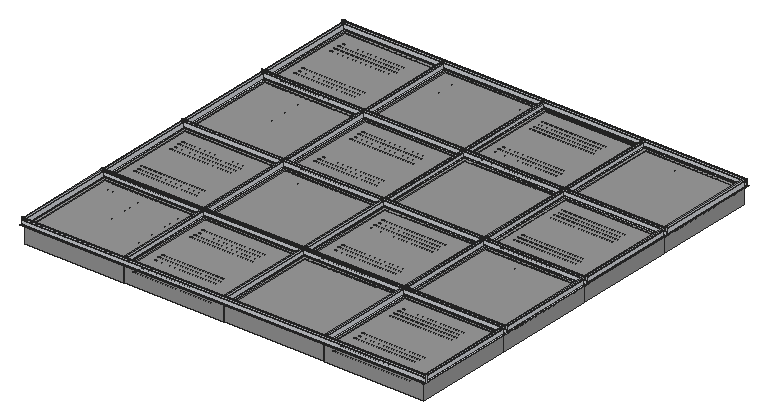
Revit family "GRD-FPG-016_FOLDED PLUG GRID 016_RFA", category Modelos genéricos, Revit 2022
Family settings
  Puede alojar armadura = No
  Cota de conector redondo = Diámetro de uso
  Tipo de pieza = Normal
  Se basa en plano de trabajo = No
  Siempre vertical = Sí
  Corte con vacíos al cargar = No
  Mantener orientación de anotación = No
  Compartido = No
  Punto de cálculo de habitación = No
Parameters
  Elevación por defecto = 0.00"
Reference planes (in)
  plane 1 "Centro (Frontal/Posterior)": y = 0
  plane 2: z = 0
  plane 3 "Centro (Izquierda/Derecha)": x = 0
Forms (in)
  Extrusion 1, solid
    sketch origin (0, 0.25, 0) x (0, 1, 0) y (0, 0, 1)
      loop
        line (0.42221, 1.66259) -> (0.42231, 0.67354)
        arc (0.42231, 0.67354) -> (0.41009, 0.64403) -> (0.38057, 0.6318) r 0.04174
        line (0.38057, 0.6318) -> (-0.00639, 0.6318) -> (-0.00639, 0.59057) -> (0.8874, 0.59057) -> (0.8874, 0.6318) -> (0.49998, 0.6318)
        arc (0.49998, 0.6318) -> (0.47046, 0.64403) -> (0.45824, 0.67354) r 0.04174
        line (0.45824, 0.67354) -> (0.45834, 1.66259)
        arc (0.45834, 1.66259) -> (0.46543, 1.67969) -> (0.48252, 1.68677) r 0.02418
        line (0.48252, 1.68677) -> (0.52252, 1.68677)
        arc (0.52252, 1.68677) -> (0.55303, 1.69941) -> (0.56566, 1.72991) r 0.04314
        line (0.56566, 1.72991) -> (0.56566, 2.14095)
        arc (0.56566, 2.14095) -> (0.5626, 2.15637) -> (0.55386, 2.16944) r 0.04029
        line (0.55386, 2.16944) -> (0.47053, 2.25277)
        arc (0.47053, 2.25277) -> (0.44027, 2.2653) -> (0.41002, 2.25277) r 0.04279
        line (0.41002, 2.25277) -> (0.32669, 2.16944)
        arc (0.32669, 2.16944) -> (0.31795, 2.15637) -> (0.31489, 2.14095) r 0.04029
        line (0.31489, 2.14095) -> (0.31489, 1.72991)
        arc (0.31489, 1.72991) -> (0.32752, 1.69941) -> (0.35803, 1.68677) r 0.04314
        line (0.35803, 1.68677) -> (0.39803, 1.68677)
        arc (0.39803, 1.68677) -> (0.41512, 1.67969) -> (0.42221, 1.66259) r 0.02418
      loop
        arc (0.33294, 1.7291) -> (0.34005, 1.71194) -> (0.35722, 1.70483) r 0.02428
        line (0.35722, 1.70483) -> (0.39815, 1.70483)
        arc (0.39815, 1.70483) -> (0.42797, 1.69248) -> (0.44023, 1.66266) r 0.04217
        arc (0.44023, 1.66266) -> (0.45258, 1.69248) -> (0.4824, 1.70483) r 0.04217
        line (0.4824, 1.70483) -> (0.52333, 1.70483)
        arc (0.52333, 1.70483) -> (0.54049, 1.71194) -> (0.54761, 1.7291) r 0.02428
        line (0.54761, 1.7291) -> (0.54761, 2.15016) -> (0.45704, 2.24072)
        arc (0.45704, 2.24072) -> (0.44027, 2.24767) -> (0.42351, 2.24072) r 0.02371
        line (0.42351, 2.24072) -> (0.33294, 2.15016) -> (0.33294, 1.7291)
    from 0 to 96.9361
  Extrusion 2, solid
    sketch origin (0, 24.25, 0) x (0, 1, 0) y (0, 0, 1)
      loop
        line (0.42221, 1.66259) -> (0.42231, 0.67354)
        arc (0.42231, 0.67354) -> (0.41009, 0.64403) -> (0.38057, 0.6318) r 0.04174
        line (0.38057, 0.6318) -> (-0.00639, 0.6318) -> (-0.00639, 0.59057) -> (0.8874, 0.59057) -> (0.8874, 0.6318) -> (0.49998, 0.6318)
        arc (0.49998, 0.6318) -> (0.47046, 0.64403) -> (0.45824, 0.67354) r 0.04174
        line (0.45824, 0.67354) -> (0.45834, 1.66259)
        arc (0.45834, 1.66259) -> (0.46543, 1.67969) -> (0.48252, 1.68677) r 0.02418
        line (0.48252, 1.68677) -> (0.52252, 1.68677)
        arc (0.52252, 1.68677) -> (0.55303, 1.69941) -> (0.56566, 1.72991) r 0.04314
        line (0.56566, 1.72991) -> (0.56566, 2.14095)
        arc (0.56566, 2.14095) -> (0.5626, 2.15637) -> (0.55386, 2.16944) r 0.04029
        line (0.55386, 2.16944) -> (0.47053, 2.25277)
        arc (0.47053, 2.25277) -> (0.44027, 2.2653) -> (0.41002, 2.25277) r 0.04279
        line (0.41002, 2.25277) -> (0.32669, 2.16944)
        arc (0.32669, 2.16944) -> (0.31795, 2.15637) -> (0.31489, 2.14095) r 0.04029
        line (0.31489, 2.14095) -> (0.31489, 1.72991)
        arc (0.31489, 1.72991) -> (0.32752, 1.69941) -> (0.35803, 1.68677) r 0.04314
        line (0.35803, 1.68677) -> (0.39803, 1.68677)
        arc (0.39803, 1.68677) -> (0.41512, 1.67969) -> (0.42221, 1.66259) r 0.02418
      loop
        arc (0.33294, 1.7291) -> (0.34005, 1.71194) -> (0.35722, 1.70483) r 0.02428
        line (0.35722, 1.70483) -> (0.39815, 1.70483)
        arc (0.39815, 1.70483) -> (0.42797, 1.69248) -> (0.44023, 1.66266) r 0.04217
        arc (0.44023, 1.66266) -> (0.45258, 1.69248) -> (0.4824, 1.70483) r 0.04217
        line (0.4824, 1.70483) -> (0.52333, 1.70483)
        arc (0.52333, 1.70483) -> (0.54049, 1.71194) -> (0.54761, 1.7291) r 0.02428
        line (0.54761, 1.7291) -> (0.54761, 2.15016) -> (0.45704, 2.24072)
        arc (0.45704, 2.24072) -> (0.44027, 2.24767) -> (0.42351, 2.24072) r 0.02371
        line (0.42351, 2.24072) -> (0.33294, 2.15016) -> (0.33294, 1.7291)
    from 0 to 96.9361
  Extrusion 3, solid
    sketch origin (0, 48.25, 0) x (0, 1, 0) y (0, 0, 1)
      loop
        line (0.42221, 1.66259) -> (0.42231, 0.67354)
        arc (0.42231, 0.67354) -> (0.41009, 0.64403) -> (0.38057, 0.6318) r 0.04174
        line (0.38057, 0.6318) -> (-0.00639, 0.6318) -> (-0.00639, 0.59057) -> (0.8874, 0.59057) -> (0.8874, 0.6318) -> (0.49998, 0.6318)
        arc (0.49998, 0.6318) -> (0.47046, 0.64403) -> (0.45824, 0.67354) r 0.04174
        line (0.45824, 0.67354) -> (0.45834, 1.66259)
        arc (0.45834, 1.66259) -> (0.46543, 1.67969) -> (0.48252, 1.68677) r 0.02418
        line (0.48252, 1.68677) -> (0.52252, 1.68677)
        arc (0.52252, 1.68677) -> (0.55303, 1.69941) -> (0.56566, 1.72991) r 0.04314
        line (0.56566, 1.72991) -> (0.56566, 2.14095)
        arc (0.56566, 2.14095) -> (0.5626, 2.15637) -> (0.55386, 2.16944) r 0.04029
        line (0.55386, 2.16944) -> (0.47053, 2.25277)
        arc (0.47053, 2.25277) -> (0.44027, 2.2653) -> (0.41002, 2.25277) r 0.04279
        line (0.41002, 2.25277) -> (0.32669, 2.16944)
        arc (0.32669, 2.16944) -> (0.31795, 2.15637) -> (0.31489, 2.14095) r 0.04029
        line (0.31489, 2.14095) -> (0.31489, 1.72991)
        arc (0.31489, 1.72991) -> (0.32752, 1.69941) -> (0.35803, 1.68677) r 0.04314
        line (0.35803, 1.68677) -> (0.39803, 1.68677)
        arc (0.39803, 1.68677) -> (0.41512, 1.67969) -> (0.42221, 1.66259) r 0.02418
      loop
        arc (0.33294, 1.7291) -> (0.34005, 1.71194) -> (0.35722, 1.70483) r 0.02428
        line (0.35722, 1.70483) -> (0.39815, 1.70483)
        arc (0.39815, 1.70483) -> (0.42797, 1.69248) -> (0.44023, 1.66266) r 0.04217
        arc (0.44023, 1.66266) -> (0.45258, 1.69248) -> (0.4824, 1.70483) r 0.04217
        line (0.4824, 1.70483) -> (0.52333, 1.70483)
        arc (0.52333, 1.70483) -> (0.54049, 1.71194) -> (0.54761, 1.7291) r 0.02428
        line (0.54761, 1.7291) -> (0.54761, 2.15016) -> (0.45704, 2.24072)
        arc (0.45704, 2.24072) -> (0.44027, 2.24767) -> (0.42351, 2.24072) r 0.02371
        line (0.42351, 2.24072) -> (0.33294, 2.15016) -> (0.33294, 1.7291)
    from 0 to 96.9361
  Extrusion 4, solid
    sketch origin (0, 72.25, 0) x (0, 1, 0) y (0, 0, 1)
      loop
        line (0.42221, 1.66259) -> (0.42231, 0.67354)
        arc (0.42231, 0.67354) -> (0.41009, 0.64403) -> (0.38057, 0.6318) r 0.04174
        line (0.38057, 0.6318) -> (-0.00639, 0.6318) -> (-0.00639, 0.59057) -> (0.8874, 0.59057) -> (0.8874, 0.6318) -> (0.49998, 0.6318)
        arc (0.49998, 0.6318) -> (0.47046, 0.64403) -> (0.45824, 0.67354) r 0.04174
        line (0.45824, 0.67354) -> (0.45834, 1.66259)
        arc (0.45834, 1.66259) -> (0.46543, 1.67969) -> (0.48252, 1.68677) r 0.02418
        line (0.48252, 1.68677) -> (0.52252, 1.68677)
        arc (0.52252, 1.68677) -> (0.55303, 1.69941) -> (0.56566, 1.72991) r 0.04314
        line (0.56566, 1.72991) -> (0.56566, 2.14095)
        arc (0.56566, 2.14095) -> (0.5626, 2.15637) -> (0.55386, 2.16944) r 0.04029
        line (0.55386, 2.16944) -> (0.47053, 2.25277)
        arc (0.47053, 2.25277) -> (0.44027, 2.2653) -> (0.41002, 2.25277) r 0.04279
        line (0.41002, 2.25277) -> (0.32669, 2.16944)
        arc (0.32669, 2.16944) -> (0.31795, 2.15637) -> (0.31489, 2.14095) r 0.04029
        line (0.31489, 2.14095) -> (0.31489, 1.72991)
        arc (0.31489, 1.72991) -> (0.32752, 1.69941) -> (0.35803, 1.68677) r 0.04314
        line (0.35803, 1.68677) -> (0.39803, 1.68677)
        arc (0.39803, 1.68677) -> (0.41512, 1.67969) -> (0.42221, 1.66259) r 0.02418
      loop
        arc (0.33294, 1.7291) -> (0.34005, 1.71194) -> (0.35722, 1.70483) r 0.02428
        line (0.35722, 1.70483) -> (0.39815, 1.70483)
        arc (0.39815, 1.70483) -> (0.42797, 1.69248) -> (0.44023, 1.66266) r 0.04217
        arc (0.44023, 1.66266) -> (0.45258, 1.69248) -> (0.4824, 1.70483) r 0.04217
        line (0.4824, 1.70483) -> (0.52333, 1.70483)
        arc (0.52333, 1.70483) -> (0.54049, 1.71194) -> (0.54761, 1.7291) r 0.02428
        line (0.54761, 1.7291) -> (0.54761, 2.15016) -> (0.45704, 2.24072)
        arc (0.45704, 2.24072) -> (0.44027, 2.24767) -> (0.42351, 2.24072) r 0.02371
        line (0.42351, 2.24072) -> (0.33294, 2.15016) -> (0.33294, 1.7291)
    from 0 to 96.9361
  Extrusion 5, solid
    sketch origin (0, 96.25, 0) x (0, 1, 0) y (0, 0, 1)
      loop
        line (0.42221, 1.66259) -> (0.42231, 0.67354)
        arc (0.42231, 0.67354) -> (0.41009, 0.64403) -> (0.38057, 0.6318) r 0.04174
        line (0.38057, 0.6318) -> (-0.00639, 0.6318) -> (-0.00639, 0.59057) -> (0.8874, 0.59057) -> (0.8874, 0.6318) -> (0.49998, 0.6318)
        arc (0.49998, 0.6318) -> (0.47046, 0.64403) -> (0.45824, 0.67354) r 0.04174
        line (0.45824, 0.67354) -> (0.45834, 1.66259)
        arc (0.45834, 1.66259) -> (0.46543, 1.67969) -> (0.48252, 1.68677) r 0.02418
        line (0.48252, 1.68677) -> (0.52252, 1.68677)
        arc (0.52252, 1.68677) -> (0.55303, 1.69941) -> (0.56566, 1.72991) r 0.04314
        line (0.56566, 1.72991) -> (0.56566, 2.14095)
        arc (0.56566, 2.14095) -> (0.5626, 2.15637) -> (0.55386, 2.16944) r 0.04029
        line (0.55386, 2.16944) -> (0.47053, 2.25277)
        arc (0.47053, 2.25277) -> (0.44027, 2.2653) -> (0.41002, 2.25277) r 0.04279
        line (0.41002, 2.25277) -> (0.32669, 2.16944)
        arc (0.32669, 2.16944) -> (0.31795, 2.15637) -> (0.31489, 2.14095) r 0.04029
        line (0.31489, 2.14095) -> (0.31489, 1.72991)
        arc (0.31489, 1.72991) -> (0.32752, 1.69941) -> (0.35803, 1.68677) r 0.04314
        line (0.35803, 1.68677) -> (0.39803, 1.68677)
        arc (0.39803, 1.68677) -> (0.41512, 1.67969) -> (0.42221, 1.66259) r 0.02418
      loop
        arc (0.33294, 1.7291) -> (0.34005, 1.71194) -> (0.35722, 1.70483) r 0.02428
        line (0.35722, 1.70483) -> (0.39815, 1.70483)
        arc (0.39815, 1.70483) -> (0.42797, 1.69248) -> (0.44023, 1.66266) r 0.04217
        arc (0.44023, 1.66266) -> (0.45258, 1.69248) -> (0.4824, 1.70483) r 0.04217
        line (0.4824, 1.70483) -> (0.52333, 1.70483)
        arc (0.52333, 1.70483) -> (0.54049, 1.71194) -> (0.54761, 1.7291) r 0.02428
        line (0.54761, 1.7291) -> (0.54761, 2.15016) -> (0.45704, 2.24072)
        arc (0.45704, 2.24072) -> (0.44027, 2.24767) -> (0.42351, 2.24072) r 0.02371
        line (0.42351, 2.24072) -> (0.33294, 2.15016) -> (0.33294, 1.7291)
    from 0 to 96.9361
  Extrusion 6, solid
    sketch origin (48.02754, 155.15856, 0) x (1, 0, 0) y (0, 0, 1)
      loop
        line (0.42221, 1.66259) -> (0.42231, 0.67354)
        arc (0.42231, 0.67354) -> (0.41009, 0.64403) -> (0.38057, 0.6318) r 0.04174
        line (0.38057, 0.6318) -> (-0.00639, 0.6318) -> (-0.00639, 0.59057) -> (0.8874, 0.59057) -> (0.8874, 0.6318) -> (0.49998, 0.6318)
        arc (0.49998, 0.6318) -> (0.47046, 0.64403) -> (0.45824, 0.67354) r 0.04174
        line (0.45824, 0.67354) -> (0.45834, 1.66259)
        arc (0.45834, 1.66259) -> (0.46543, 1.67969) -> (0.48252, 1.68677) r 0.02418
        line (0.48252, 1.68677) -> (0.52252, 1.68677)
        arc (0.52252, 1.68677) -> (0.55303, 1.69941) -> (0.56566, 1.72991) r 0.04314
        line (0.56566, 1.72991) -> (0.56566, 2.14095)
        arc (0.56566, 2.14095) -> (0.5626, 2.15637) -> (0.55386, 2.16944) r 0.04029
        line (0.55386, 2.16944) -> (0.47053, 2.25277)
        arc (0.47053, 2.25277) -> (0.44027, 2.2653) -> (0.41002, 2.25277) r 0.04279
        line (0.41002, 2.25277) -> (0.32669, 2.16944)
        arc (0.32669, 2.16944) -> (0.31795, 2.15637) -> (0.31489, 2.14095) r 0.04029
        line (0.31489, 2.14095) -> (0.31489, 1.72991)
        arc (0.31489, 1.72991) -> (0.32752, 1.69941) -> (0.35803, 1.68677) r 0.04314
        line (0.35803, 1.68677) -> (0.39803, 1.68677)
        arc (0.39803, 1.68677) -> (0.41512, 1.67969) -> (0.42221, 1.66259) r 0.02418
      loop
        arc (0.33294, 1.7291) -> (0.34005, 1.71194) -> (0.35722, 1.70483) r 0.02428
        line (0.35722, 1.70483) -> (0.39815, 1.70483)
        arc (0.39815, 1.70483) -> (0.42797, 1.69248) -> (0.44023, 1.66266) r 0.04217
        arc (0.44023, 1.66266) -> (0.45258, 1.69248) -> (0.4824, 1.70483) r 0.04217
        line (0.4824, 1.70483) -> (0.52333, 1.70483)
        arc (0.52333, 1.70483) -> (0.54049, 1.71194) -> (0.54761, 1.7291) r 0.02428
        line (0.54761, 1.7291) -> (0.54761, 2.15016) -> (0.45704, 2.24072)
        arc (0.45704, 2.24072) -> (0.44027, 2.24767) -> (0.42351, 2.24072) r 0.02371
        line (0.42351, 2.24072) -> (0.33294, 2.15016) -> (0.33294, 1.7291)
    from 58.93614 to 81.99864
  Extrusion 7, solid
    sketch origin (72.02767, 155.15856, 0) x (1, 0, 0) y (0, 0, 1)
      loop
        line (0.42221, 1.66259) -> (0.42231, 0.67354)
        arc (0.42231, 0.67354) -> (0.41009, 0.64403) -> (0.38057, 0.6318) r 0.04174
        line (0.38057, 0.6318) -> (-0.00639, 0.6318) -> (-0.00639, 0.59057) -> (0.8874, 0.59057) -> (0.8874, 0.6318) -> (0.49998, 0.6318)
        arc (0.49998, 0.6318) -> (0.47046, 0.64403) -> (0.45824, 0.67354) r 0.04174
        line (0.45824, 0.67354) -> (0.45834, 1.66259)
        arc (0.45834, 1.66259) -> (0.46543, 1.67969) -> (0.48252, 1.68677) r 0.02418
        line (0.48252, 1.68677) -> (0.52252, 1.68677)
        arc (0.52252, 1.68677) -> (0.55303, 1.69941) -> (0.56566, 1.72991) r 0.04314
        line (0.56566, 1.72991) -> (0.56566, 2.14095)
        arc (0.56566, 2.14095) -> (0.5626, 2.15637) -> (0.55386, 2.16944) r 0.04029
        line (0.55386, 2.16944) -> (0.47053, 2.25277)
        arc (0.47053, 2.25277) -> (0.44027, 2.2653) -> (0.41002, 2.25277) r 0.04279
        line (0.41002, 2.25277) -> (0.32669, 2.16944)
        arc (0.32669, 2.16944) -> (0.31795, 2.15637) -> (0.31489, 2.14095) r 0.04029
        line (0.31489, 2.14095) -> (0.31489, 1.72991)
        arc (0.31489, 1.72991) -> (0.32752, 1.69941) -> (0.35803, 1.68677) r 0.04314
        line (0.35803, 1.68677) -> (0.39803, 1.68677)
        arc (0.39803, 1.68677) -> (0.41512, 1.67969) -> (0.42221, 1.66259) r 0.02418
      loop
        arc (0.33294, 1.7291) -> (0.34005, 1.71194) -> (0.35722, 1.70483) r 0.02428
        line (0.35722, 1.70483) -> (0.39815, 1.70483)
        arc (0.39815, 1.70483) -> (0.42797, 1.69248) -> (0.44023, 1.66266) r 0.04217
        arc (0.44023, 1.66266) -> (0.45258, 1.69248) -> (0.4824, 1.70483) r 0.04217
        line (0.4824, 1.70483) -> (0.52333, 1.70483)
        arc (0.52333, 1.70483) -> (0.54049, 1.71194) -> (0.54761, 1.7291) r 0.02428
        line (0.54761, 1.7291) -> (0.54761, 2.15016) -> (0.45704, 2.24072)
        arc (0.45704, 2.24072) -> (0.44027, 2.24767) -> (0.42351, 2.24072) r 0.02371
        line (0.42351, 2.24072) -> (0.33294, 2.15016) -> (0.33294, 1.7291)
    from 58.93614 to 81.99864
  Extrusion 8, solid
    sketch origin (96.02767, 155.15856, 0) x (1, 0, 0) y (0, 0, 1)
      loop
        line (0.42221, 1.66259) -> (0.42231, 0.67354)
        arc (0.42231, 0.67354) -> (0.41009, 0.64403) -> (0.38057, 0.6318) r 0.04174
        line (0.38057, 0.6318) -> (-0.00639, 0.6318) -> (-0.00639, 0.59057) -> (0.8874, 0.59057) -> (0.8874, 0.6318) -> (0.49998, 0.6318)
        arc (0.49998, 0.6318) -> (0.47046, 0.64403) -> (0.45824, 0.67354) r 0.04174
        line (0.45824, 0.67354) -> (0.45834, 1.66259)
        arc (0.45834, 1.66259) -> (0.46543, 1.67969) -> (0.48252, 1.68677) r 0.02418
        line (0.48252, 1.68677) -> (0.52252, 1.68677)
        arc (0.52252, 1.68677) -> (0.55303, 1.69941) -> (0.56566, 1.72991) r 0.04314
        line (0.56566, 1.72991) -> (0.56566, 2.14095)
        arc (0.56566, 2.14095) -> (0.5626, 2.15637) -> (0.55386, 2.16944) r 0.04029
        line (0.55386, 2.16944) -> (0.47053, 2.25277)
        arc (0.47053, 2.25277) -> (0.44027, 2.2653) -> (0.41002, 2.25277) r 0.04279
        line (0.41002, 2.25277) -> (0.32669, 2.16944)
        arc (0.32669, 2.16944) -> (0.31795, 2.15637) -> (0.31489, 2.14095) r 0.04029
        line (0.31489, 2.14095) -> (0.31489, 1.72991)
        arc (0.31489, 1.72991) -> (0.32752, 1.69941) -> (0.35803, 1.68677) r 0.04314
        line (0.35803, 1.68677) -> (0.39803, 1.68677)
        arc (0.39803, 1.68677) -> (0.41512, 1.67969) -> (0.42221, 1.66259) r 0.02418
      loop
        arc (0.33294, 1.7291) -> (0.34005, 1.71194) -> (0.35722, 1.70483) r 0.02428
        line (0.35722, 1.70483) -> (0.39815, 1.70483)
        arc (0.39815, 1.70483) -> (0.42797, 1.69248) -> (0.44023, 1.66266) r 0.04217
        arc (0.44023, 1.66266) -> (0.45258, 1.69248) -> (0.4824, 1.70483) r 0.04217
        line (0.4824, 1.70483) -> (0.52333, 1.70483)
        arc (0.52333, 1.70483) -> (0.54049, 1.71194) -> (0.54761, 1.7291) r 0.02428
        line (0.54761, 1.7291) -> (0.54761, 2.15016) -> (0.45704, 2.24072)
        arc (0.45704, 2.24072) -> (0.44027, 2.24767) -> (0.42351, 2.24072) r 0.02371
        line (0.42351, 2.24072) -> (0.33294, 2.15016) -> (0.33294, 1.7291)
    from 58.93614 to 81.99864
  Extrusion 9, solid
    sketch origin (24.02767, 155.15856, 0) x (1, 0, 0) y (0, 0, 1)
      loop
        line (0.42221, 1.66259) -> (0.42231, 0.67354)
        arc (0.42231, 0.67354) -> (0.41009, 0.64403) -> (0.38057, 0.6318) r 0.04174
        line (0.38057, 0.6318) -> (-0.00639, 0.6318) -> (-0.00639, 0.59057) -> (0.8874, 0.59057) -> (0.8874, 0.6318) -> (0.49998, 0.6318)
        arc (0.49998, 0.6318) -> (0.47046, 0.64403) -> (0.45824, 0.67354) r 0.04174
        line (0.45824, 0.67354) -> (0.45834, 1.66259)
        arc (0.45834, 1.66259) -> (0.46543, 1.67969) -> (0.48252, 1.68677) r 0.02418
        line (0.48252, 1.68677) -> (0.52252, 1.68677)
        arc (0.52252, 1.68677) -> (0.55303, 1.69941) -> (0.56566, 1.72991) r 0.04314
        line (0.56566, 1.72991) -> (0.56566, 2.14095)
        arc (0.56566, 2.14095) -> (0.5626, 2.15637) -> (0.55386, 2.16944) r 0.04029
        line (0.55386, 2.16944) -> (0.47053, 2.25277)
        arc (0.47053, 2.25277) -> (0.44027, 2.2653) -> (0.41002, 2.25277) r 0.04279
        line (0.41002, 2.25277) -> (0.32669, 2.16944)
        arc (0.32669, 2.16944) -> (0.31795, 2.15637) -> (0.31489, 2.14095) r 0.04029
        line (0.31489, 2.14095) -> (0.31489, 1.72991)
        arc (0.31489, 1.72991) -> (0.32752, 1.69941) -> (0.35803, 1.68677) r 0.04314
        line (0.35803, 1.68677) -> (0.39803, 1.68677)
        arc (0.39803, 1.68677) -> (0.41512, 1.67969) -> (0.42221, 1.66259) r 0.02418
      loop
        arc (0.33294, 1.7291) -> (0.34005, 1.71194) -> (0.35722, 1.70483) r 0.02428
        line (0.35722, 1.70483) -> (0.39815, 1.70483)
        arc (0.39815, 1.70483) -> (0.42797, 1.69248) -> (0.44023, 1.66266) r 0.04217
        arc (0.44023, 1.66266) -> (0.45258, 1.69248) -> (0.4824, 1.70483) r 0.04217
        line (0.4824, 1.70483) -> (0.52333, 1.70483)
        arc (0.52333, 1.70483) -> (0.54049, 1.71194) -> (0.54761, 1.7291) r 0.02428
        line (0.54761, 1.7291) -> (0.54761, 2.15016) -> (0.45704, 2.24072)
        arc (0.45704, 2.24072) -> (0.44027, 2.24767) -> (0.42351, 2.24072) r 0.02371
        line (0.42351, 2.24072) -> (0.33294, 2.15016) -> (0.33294, 1.7291)
    from 58.93614 to 81.99864
  Extrusion 10, solid
    sketch origin (0.02767, 155.15856, 0) x (1, 0, 0) y (0, 0, 1)
      loop
        line (0.42221, 1.66259) -> (0.42231, 0.67354)
        arc (0.42231, 0.67354) -> (0.41009, 0.64403) -> (0.38057, 0.6318) r 0.04174
        line (0.38057, 0.6318) -> (-0.00639, 0.6318) -> (-0.00639, 0.59057) -> (0.8874, 0.59057) -> (0.8874, 0.6318) -> (0.49998, 0.6318)
        arc (0.49998, 0.6318) -> (0.47046, 0.64403) -> (0.45824, 0.67354) r 0.04174
        line (0.45824, 0.67354) -> (0.45834, 1.66259)
        arc (0.45834, 1.66259) -> (0.46543, 1.67969) -> (0.48252, 1.68677) r 0.02418
        line (0.48252, 1.68677) -> (0.52252, 1.68677)
        arc (0.52252, 1.68677) -> (0.55303, 1.69941) -> (0.56566, 1.72991) r 0.04314
        line (0.56566, 1.72991) -> (0.56566, 2.14095)
        arc (0.56566, 2.14095) -> (0.5626, 2.15637) -> (0.55386, 2.16944) r 0.04029
        line (0.55386, 2.16944) -> (0.47053, 2.25277)
        arc (0.47053, 2.25277) -> (0.44027, 2.2653) -> (0.41002, 2.25277) r 0.04279
        line (0.41002, 2.25277) -> (0.32669, 2.16944)
        arc (0.32669, 2.16944) -> (0.31795, 2.15637) -> (0.31489, 2.14095) r 0.04029
        line (0.31489, 2.14095) -> (0.31489, 1.72991)
        arc (0.31489, 1.72991) -> (0.32752, 1.69941) -> (0.35803, 1.68677) r 0.04314
        line (0.35803, 1.68677) -> (0.39803, 1.68677)
        arc (0.39803, 1.68677) -> (0.41512, 1.67969) -> (0.42221, 1.66259) r 0.02418
      loop
        arc (0.33294, 1.7291) -> (0.34005, 1.71194) -> (0.35722, 1.70483) r 0.02428
        line (0.35722, 1.70483) -> (0.39815, 1.70483)
        arc (0.39815, 1.70483) -> (0.42797, 1.69248) -> (0.44023, 1.66266) r 0.04217
        arc (0.44023, 1.66266) -> (0.45258, 1.69248) -> (0.4824, 1.70483) r 0.04217
        line (0.4824, 1.70483) -> (0.52333, 1.70483)
        arc (0.52333, 1.70483) -> (0.54049, 1.71194) -> (0.54761, 1.7291) r 0.02428
        line (0.54761, 1.7291) -> (0.54761, 2.15016) -> (0.45704, 2.24072)
        arc (0.45704, 2.24072) -> (0.44027, 2.24767) -> (0.42351, 2.24072) r 0.02371
        line (0.42351, 2.24072) -> (0.33294, 2.15016) -> (0.33294, 1.7291)
    from 58.93614 to 81.99864
  Extrusion 11, solid
    sketch origin (48.02754, 131.15855, 0) x (1, 0, 0) y (0, 0, 1)
      loop
        line (0.42221, 1.66259) -> (0.42231, 0.67354)
        arc (0.42231, 0.67354) -> (0.41009, 0.64403) -> (0.38057, 0.6318) r 0.04174
        line (0.38057, 0.6318) -> (-0.00639, 0.6318) -> (-0.00639, 0.59057) -> (0.8874, 0.59057) -> (0.8874, 0.6318) -> (0.49998, 0.6318)
        arc (0.49998, 0.6318) -> (0.47046, 0.64403) -> (0.45824, 0.67354) r 0.04174
        line (0.45824, 0.67354) -> (0.45834, 1.66259)
        arc (0.45834, 1.66259) -> (0.46543, 1.67969) -> (0.48252, 1.68677) r 0.02418
        line (0.48252, 1.68677) -> (0.52252, 1.68677)
        arc (0.52252, 1.68677) -> (0.55303, 1.69941) -> (0.56566, 1.72991) r 0.04314
        line (0.56566, 1.72991) -> (0.56566, 2.14095)
        arc (0.56566, 2.14095) -> (0.5626, 2.15637) -> (0.55386, 2.16944) r 0.04029
        line (0.55386, 2.16944) -> (0.47053, 2.25277)
        arc (0.47053, 2.25277) -> (0.44027, 2.2653) -> (0.41002, 2.25277) r 0.04279
        line (0.41002, 2.25277) -> (0.32669, 2.16944)
        arc (0.32669, 2.16944) -> (0.31795, 2.15637) -> (0.31489, 2.14095) r 0.04029
        line (0.31489, 2.14095) -> (0.31489, 1.72991)
        arc (0.31489, 1.72991) -> (0.32752, 1.69941) -> (0.35803, 1.68677) r 0.04314
        line (0.35803, 1.68677) -> (0.39803, 1.68677)
        arc (0.39803, 1.68677) -> (0.41512, 1.67969) -> (0.42221, 1.66259) r 0.02418
      loop
        arc (0.33294, 1.7291) -> (0.34005, 1.71194) -> (0.35722, 1.70483) r 0.02428
        line (0.35722, 1.70483) -> (0.39815, 1.70483)
        arc (0.39815, 1.70483) -> (0.42797, 1.69248) -> (0.44023, 1.66266) r 0.04217
        arc (0.44023, 1.66266) -> (0.45258, 1.69248) -> (0.4824, 1.70483) r 0.04217
        line (0.4824, 1.70483) -> (0.52333, 1.70483)
        arc (0.52333, 1.70483) -> (0.54049, 1.71194) -> (0.54761, 1.7291) r 0.02428
        line (0.54761, 1.7291) -> (0.54761, 2.15016) -> (0.45704, 2.24072)
        arc (0.45704, 2.24072) -> (0.44027, 2.24767) -> (0.42351, 2.24072) r 0.02371
        line (0.42351, 2.24072) -> (0.33294, 2.15016) -> (0.33294, 1.7291)
    from 58.93614 to 81.99864
  Extrusion 12, solid
    sketch origin (72.02767, 131.15855, 0) x (1, 0, 0) y (0, 0, 1)
      loop
        line (0.42221, 1.66259) -> (0.42231, 0.67354)
        arc (0.42231, 0.67354) -> (0.41009, 0.64403) -> (0.38057, 0.6318) r 0.04174
        line (0.38057, 0.6318) -> (-0.00639, 0.6318) -> (-0.00639, 0.59057) -> (0.8874, 0.59057) -> (0.8874, 0.6318) -> (0.49998, 0.6318)
        arc (0.49998, 0.6318) -> (0.47046, 0.64403) -> (0.45824, 0.67354) r 0.04174
        line (0.45824, 0.67354) -> (0.45834, 1.66259)
        arc (0.45834, 1.66259) -> (0.46543, 1.67969) -> (0.48252, 1.68677) r 0.02418
        line (0.48252, 1.68677) -> (0.52252, 1.68677)
        arc (0.52252, 1.68677) -> (0.55303, 1.69941) -> (0.56566, 1.72991) r 0.04314
        line (0.56566, 1.72991) -> (0.56566, 2.14095)
        arc (0.56566, 2.14095) -> (0.5626, 2.15637) -> (0.55386, 2.16944) r 0.04029
        line (0.55386, 2.16944) -> (0.47053, 2.25277)
        arc (0.47053, 2.25277) -> (0.44027, 2.2653) -> (0.41002, 2.25277) r 0.04279
        line (0.41002, 2.25277) -> (0.32669, 2.16944)
        arc (0.32669, 2.16944) -> (0.31795, 2.15637) -> (0.31489, 2.14095) r 0.04029
        line (0.31489, 2.14095) -> (0.31489, 1.72991)
        arc (0.31489, 1.72991) -> (0.32752, 1.69941) -> (0.35803, 1.68677) r 0.04314
        line (0.35803, 1.68677) -> (0.39803, 1.68677)
        arc (0.39803, 1.68677) -> (0.41512, 1.67969) -> (0.42221, 1.66259) r 0.02418
      loop
        arc (0.33294, 1.7291) -> (0.34005, 1.71194) -> (0.35722, 1.70483) r 0.02428
        line (0.35722, 1.70483) -> (0.39815, 1.70483)
        arc (0.39815, 1.70483) -> (0.42797, 1.69248) -> (0.44023, 1.66266) r 0.04217
        arc (0.44023, 1.66266) -> (0.45258, 1.69248) -> (0.4824, 1.70483) r 0.04217
        line (0.4824, 1.70483) -> (0.52333, 1.70483)
        arc (0.52333, 1.70483) -> (0.54049, 1.71194) -> (0.54761, 1.7291) r 0.02428
        line (0.54761, 1.7291) -> (0.54761, 2.15016) -> (0.45704, 2.24072)
        arc (0.45704, 2.24072) -> (0.44027, 2.24767) -> (0.42351, 2.24072) r 0.02371
        line (0.42351, 2.24072) -> (0.33294, 2.15016) -> (0.33294, 1.7291)
    from 58.93614 to 81.99864
  Extrusion 13, solid
    sketch origin (96.02767, 131.15855, 0) x (1, 0, 0) y (0, 0, 1)
      loop
        line (0.42221, 1.66259) -> (0.42231, 0.67354)
        arc (0.42231, 0.67354) -> (0.41009, 0.64403) -> (0.38057, 0.6318) r 0.04174
        line (0.38057, 0.6318) -> (-0.00639, 0.6318) -> (-0.00639, 0.59057) -> (0.8874, 0.59057) -> (0.8874, 0.6318) -> (0.49998, 0.6318)
        arc (0.49998, 0.6318) -> (0.47046, 0.64403) -> (0.45824, 0.67354) r 0.04174
        line (0.45824, 0.67354) -> (0.45834, 1.66259)
        arc (0.45834, 1.66259) -> (0.46543, 1.67969) -> (0.48252, 1.68677) r 0.02418
        line (0.48252, 1.68677) -> (0.52252, 1.68677)
        arc (0.52252, 1.68677) -> (0.55303, 1.69941) -> (0.56566, 1.72991) r 0.04314
        line (0.56566, 1.72991) -> (0.56566, 2.14095)
        arc (0.56566, 2.14095) -> (0.5626, 2.15637) -> (0.55386, 2.16944) r 0.04029
        line (0.55386, 2.16944) -> (0.47053, 2.25277)
        arc (0.47053, 2.25277) -> (0.44027, 2.2653) -> (0.41002, 2.25277) r 0.04279
        line (0.41002, 2.25277) -> (0.32669, 2.16944)
        arc (0.32669, 2.16944) -> (0.31795, 2.15637) -> (0.31489, 2.14095) r 0.04029
        line (0.31489, 2.14095) -> (0.31489, 1.72991)
        arc (0.31489, 1.72991) -> (0.32752, 1.69941) -> (0.35803, 1.68677) r 0.04314
        line (0.35803, 1.68677) -> (0.39803, 1.68677)
        arc (0.39803, 1.68677) -> (0.41512, 1.67969) -> (0.42221, 1.66259) r 0.02418
      loop
        arc (0.33294, 1.7291) -> (0.34005, 1.71194) -> (0.35722, 1.70483) r 0.02428
        line (0.35722, 1.70483) -> (0.39815, 1.70483)
        arc (0.39815, 1.70483) -> (0.42797, 1.69248) -> (0.44023, 1.66266) r 0.04217
        arc (0.44023, 1.66266) -> (0.45258, 1.69248) -> (0.4824, 1.70483) r 0.04217
        line (0.4824, 1.70483) -> (0.52333, 1.70483)
        arc (0.52333, 1.70483) -> (0.54049, 1.71194) -> (0.54761, 1.7291) r 0.02428
        line (0.54761, 1.7291) -> (0.54761, 2.15016) -> (0.45704, 2.24072)
        arc (0.45704, 2.24072) -> (0.44027, 2.24767) -> (0.42351, 2.24072) r 0.02371
        line (0.42351, 2.24072) -> (0.33294, 2.15016) -> (0.33294, 1.7291)
    from 58.93614 to 81.99864
  Extrusion 14, solid
    sketch origin (24.02767, 131.15855, 0) x (1, 0, 0) y (0, 0, 1)
      loop
        line (0.42221, 1.66259) -> (0.42231, 0.67354)
        arc (0.42231, 0.67354) -> (0.41009, 0.64403) -> (0.38057, 0.6318) r 0.04174
        line (0.38057, 0.6318) -> (-0.00639, 0.6318) -> (-0.00639, 0.59057) -> (0.8874, 0.59057) -> (0.8874, 0.6318) -> (0.49998, 0.6318)
        arc (0.49998, 0.6318) -> (0.47046, 0.64403) -> (0.45824, 0.67354) r 0.04174
        line (0.45824, 0.67354) -> (0.45834, 1.66259)
        arc (0.45834, 1.66259) -> (0.46543, 1.67969) -> (0.48252, 1.68677) r 0.02418
        line (0.48252, 1.68677) -> (0.52252, 1.68677)
        arc (0.52252, 1.68677) -> (0.55303, 1.69941) -> (0.56566, 1.72991) r 0.04314
        line (0.56566, 1.72991) -> (0.56566, 2.14095)
        arc (0.56566, 2.14095) -> (0.5626, 2.15637) -> (0.55386, 2.16944) r 0.04029
        line (0.55386, 2.16944) -> (0.47053, 2.25277)
        arc (0.47053, 2.25277) -> (0.44027, 2.2653) -> (0.41002, 2.25277) r 0.04279
        line (0.41002, 2.25277) -> (0.32669, 2.16944)
        arc (0.32669, 2.16944) -> (0.31795, 2.15637) -> (0.31489, 2.14095) r 0.04029
        line (0.31489, 2.14095) -> (0.31489, 1.72991)
        arc (0.31489, 1.72991) -> (0.32752, 1.69941) -> (0.35803, 1.68677) r 0.04314
        line (0.35803, 1.68677) -> (0.39803, 1.68677)
        arc (0.39803, 1.68677) -> (0.41512, 1.67969) -> (0.42221, 1.66259) r 0.02418
      loop
        arc (0.33294, 1.7291) -> (0.34005, 1.71194) -> (0.35722, 1.70483) r 0.02428
        line (0.35722, 1.70483) -> (0.39815, 1.70483)
        arc (0.39815, 1.70483) -> (0.42797, 1.69248) -> (0.44023, 1.66266) r 0.04217
        arc (0.44023, 1.66266) -> (0.45258, 1.69248) -> (0.4824, 1.70483) r 0.04217
        line (0.4824, 1.70483) -> (0.52333, 1.70483)
        arc (0.52333, 1.70483) -> (0.54049, 1.71194) -> (0.54761, 1.7291) r 0.02428
        line (0.54761, 1.7291) -> (0.54761, 2.15016) -> (0.45704, 2.24072)
        arc (0.45704, 2.24072) -> (0.44027, 2.24767) -> (0.42351, 2.24072) r 0.02371
        line (0.42351, 2.24072) -> (0.33294, 2.15016) -> (0.33294, 1.7291)
    from 58.93614 to 81.99864
  Extrusion 15, solid
    sketch origin (0.02767, 131.15855, 0) x (1, 0, 0) y (0, 0, 1)
      loop
        line (0.42221, 1.66259) -> (0.42231, 0.67354)
        arc (0.42231, 0.67354) -> (0.41009, 0.64403) -> (0.38057, 0.6318) r 0.04174
        line (0.38057, 0.6318) -> (-0.00639, 0.6318) -> (-0.00639, 0.59057) -> (0.8874, 0.59057) -> (0.8874, 0.6318) -> (0.49998, 0.6318)
        arc (0.49998, 0.6318) -> (0.47046, 0.64403) -> (0.45824, 0.67354) r 0.04174
        line (0.45824, 0.67354) -> (0.45834, 1.66259)
        arc (0.45834, 1.66259) -> (0.46543, 1.67969) -> (0.48252, 1.68677) r 0.02418
        line (0.48252, 1.68677) -> (0.52252, 1.68677)
        arc (0.52252, 1.68677) -> (0.55303, 1.69941) -> (0.56566, 1.72991) r 0.04314
        line (0.56566, 1.72991) -> (0.56566, 2.14095)
        arc (0.56566, 2.14095) -> (0.5626, 2.15637) -> (0.55386, 2.16944) r 0.04029
        line (0.55386, 2.16944) -> (0.47053, 2.25277)
        arc (0.47053, 2.25277) -> (0.44027, 2.2653) -> (0.41002, 2.25277) r 0.04279
        line (0.41002, 2.25277) -> (0.32669, 2.16944)
        arc (0.32669, 2.16944) -> (0.31795, 2.15637) -> (0.31489, 2.14095) r 0.04029
        line (0.31489, 2.14095) -> (0.31489, 1.72991)
        arc (0.31489, 1.72991) -> (0.32752, 1.69941) -> (0.35803, 1.68677) r 0.04314
        line (0.35803, 1.68677) -> (0.39803, 1.68677)
        arc (0.39803, 1.68677) -> (0.41512, 1.67969) -> (0.42221, 1.66259) r 0.02418
      loop
        arc (0.33294, 1.7291) -> (0.34005, 1.71194) -> (0.35722, 1.70483) r 0.02428
        line (0.35722, 1.70483) -> (0.39815, 1.70483)
        arc (0.39815, 1.70483) -> (0.42797, 1.69248) -> (0.44023, 1.66266) r 0.04217
        arc (0.44023, 1.66266) -> (0.45258, 1.69248) -> (0.4824, 1.70483) r 0.04217
        line (0.4824, 1.70483) -> (0.52333, 1.70483)
        arc (0.52333, 1.70483) -> (0.54049, 1.71194) -> (0.54761, 1.7291) r 0.02428
        line (0.54761, 1.7291) -> (0.54761, 2.15016) -> (0.45704, 2.24072)
        arc (0.45704, 2.24072) -> (0.44027, 2.24767) -> (0.42351, 2.24072) r 0.02371
        line (0.42351, 2.24072) -> (0.33294, 2.15016) -> (0.33294, 1.7291)
    from 58.93614 to 81.99864
  Extrusion 16, solid
    sketch origin (48.02754, 107.15856, 0) x (1, 0, 0) y (0, 0, 1)
      loop
        line (0.42221, 1.66259) -> (0.42231, 0.67354)
        arc (0.42231, 0.67354) -> (0.41009, 0.64403) -> (0.38057, 0.6318) r 0.04174
        line (0.38057, 0.6318) -> (-0.00639, 0.6318) -> (-0.00639, 0.59057) -> (0.8874, 0.59057) -> (0.8874, 0.6318) -> (0.49998, 0.6318)
        arc (0.49998, 0.6318) -> (0.47046, 0.64403) -> (0.45824, 0.67354) r 0.04174
        line (0.45824, 0.67354) -> (0.45834, 1.66259)
        arc (0.45834, 1.66259) -> (0.46543, 1.67969) -> (0.48252, 1.68677) r 0.02418
        line (0.48252, 1.68677) -> (0.52252, 1.68677)
        arc (0.52252, 1.68677) -> (0.55303, 1.69941) -> (0.56566, 1.72991) r 0.04314
        line (0.56566, 1.72991) -> (0.56566, 2.14095)
        arc (0.56566, 2.14095) -> (0.5626, 2.15637) -> (0.55386, 2.16944) r 0.04029
        line (0.55386, 2.16944) -> (0.47053, 2.25277)
        arc (0.47053, 2.25277) -> (0.44027, 2.2653) -> (0.41002, 2.25277) r 0.04279
        line (0.41002, 2.25277) -> (0.32669, 2.16944)
        arc (0.32669, 2.16944) -> (0.31795, 2.15637) -> (0.31489, 2.14095) r 0.04029
        line (0.31489, 2.14095) -> (0.31489, 1.72991)
        arc (0.31489, 1.72991) -> (0.32752, 1.69941) -> (0.35803, 1.68677) r 0.04314
        line (0.35803, 1.68677) -> (0.39803, 1.68677)
        arc (0.39803, 1.68677) -> (0.41512, 1.67969) -> (0.42221, 1.66259) r 0.02418
      loop
        arc (0.33294, 1.7291) -> (0.34005, 1.71194) -> (0.35722, 1.70483) r 0.02428
        line (0.35722, 1.70483) -> (0.39815, 1.70483)
        arc (0.39815, 1.70483) -> (0.42797, 1.69248) -> (0.44023, 1.66266) r 0.04217
        arc (0.44023, 1.66266) -> (0.45258, 1.69248) -> (0.4824, 1.70483) r 0.04217
        line (0.4824, 1.70483) -> (0.52333, 1.70483)
        arc (0.52333, 1.70483) -> (0.54049, 1.71194) -> (0.54761, 1.7291) r 0.02428
        line (0.54761, 1.7291) -> (0.54761, 2.15016) -> (0.45704, 2.24072)
        arc (0.45704, 2.24072) -> (0.44027, 2.24767) -> (0.42351, 2.24072) r 0.02371
        line (0.42351, 2.24072) -> (0.33294, 2.15016) -> (0.33294, 1.7291)
    from 58.93614 to 81.99864
  Extrusion 17, solid
    sketch origin (72.02767, 107.15856, 0) x (1, 0, 0) y (0, 0, 1)
      loop
        line (0.42221, 1.66259) -> (0.42231, 0.67354)
        arc (0.42231, 0.67354) -> (0.41009, 0.64403) -> (0.38057, 0.6318) r 0.04174
        line (0.38057, 0.6318) -> (-0.00639, 0.6318) -> (-0.00639, 0.59057) -> (0.8874, 0.59057) -> (0.8874, 0.6318) -> (0.49998, 0.6318)
        arc (0.49998, 0.6318) -> (0.47046, 0.64403) -> (0.45824, 0.67354) r 0.04174
        line (0.45824, 0.67354) -> (0.45834, 1.66259)
        arc (0.45834, 1.66259) -> (0.46543, 1.67969) -> (0.48252, 1.68677) r 0.02418
        line (0.48252, 1.68677) -> (0.52252, 1.68677)
        arc (0.52252, 1.68677) -> (0.55303, 1.69941) -> (0.56566, 1.72991) r 0.04314
        line (0.56566, 1.72991) -> (0.56566, 2.14095)
        arc (0.56566, 2.14095) -> (0.5626, 2.15637) -> (0.55386, 2.16944) r 0.04029
        line (0.55386, 2.16944) -> (0.47053, 2.25277)
        arc (0.47053, 2.25277) -> (0.44027, 2.2653) -> (0.41002, 2.25277) r 0.04279
        line (0.41002, 2.25277) -> (0.32669, 2.16944)
        arc (0.32669, 2.16944) -> (0.31795, 2.15637) -> (0.31489, 2.14095) r 0.04029
        line (0.31489, 2.14095) -> (0.31489, 1.72991)
        arc (0.31489, 1.72991) -> (0.32752, 1.69941) -> (0.35803, 1.68677) r 0.04314
        line (0.35803, 1.68677) -> (0.39803, 1.68677)
        arc (0.39803, 1.68677) -> (0.41512, 1.67969) -> (0.42221, 1.66259) r 0.02418
      loop
        arc (0.33294, 1.7291) -> (0.34005, 1.71194) -> (0.35722, 1.70483) r 0.02428
        line (0.35722, 1.70483) -> (0.39815, 1.70483)
        arc (0.39815, 1.70483) -> (0.42797, 1.69248) -> (0.44023, 1.66266) r 0.04217
        arc (0.44023, 1.66266) -> (0.45258, 1.69248) -> (0.4824, 1.70483) r 0.04217
        line (0.4824, 1.70483) -> (0.52333, 1.70483)
        arc (0.52333, 1.70483) -> (0.54049, 1.71194) -> (0.54761, 1.7291) r 0.02428
        line (0.54761, 1.7291) -> (0.54761, 2.15016) -> (0.45704, 2.24072)
        arc (0.45704, 2.24072) -> (0.44027, 2.24767) -> (0.42351, 2.24072) r 0.02371
        line (0.42351, 2.24072) -> (0.33294, 2.15016) -> (0.33294, 1.7291)
    from 58.93614 to 81.99864
  Extrusion 18, solid
    sketch origin (96.02767, 107.15856, 0) x (1, 0, 0) y (0, 0, 1)
      loop
        line (0.42221, 1.66259) -> (0.42231, 0.67354)
        arc (0.42231, 0.67354) -> (0.41009, 0.64403) -> (0.38057, 0.6318) r 0.04174
        line (0.38057, 0.6318) -> (-0.00639, 0.6318) -> (-0.00639, 0.59057) -> (0.8874, 0.59057) -> (0.8874, 0.6318) -> (0.49998, 0.6318)
        arc (0.49998, 0.6318) -> (0.47046, 0.64403) -> (0.45824, 0.67354) r 0.04174
        line (0.45824, 0.67354) -> (0.45834, 1.66259)
        arc (0.45834, 1.66259) -> (0.46543, 1.67969) -> (0.48252, 1.68677) r 0.02418
        line (0.48252, 1.68677) -> (0.52252, 1.68677)
        arc (0.52252, 1.68677) -> (0.55303, 1.69941) -> (0.56566, 1.72991) r 0.04314
        line (0.56566, 1.72991) -> (0.56566, 2.14095)
        arc (0.56566, 2.14095) -> (0.5626, 2.15637) -> (0.55386, 2.16944) r 0.04029
        line (0.55386, 2.16944) -> (0.47053, 2.25277)
        arc (0.47053, 2.25277) -> (0.44027, 2.2653) -> (0.41002, 2.25277) r 0.04279
        line (0.41002, 2.25277) -> (0.32669, 2.16944)
        arc (0.32669, 2.16944) -> (0.31795, 2.15637) -> (0.31489, 2.14095) r 0.04029
        line (0.31489, 2.14095) -> (0.31489, 1.72991)
        arc (0.31489, 1.72991) -> (0.32752, 1.69941) -> (0.35803, 1.68677) r 0.04314
        line (0.35803, 1.68677) -> (0.39803, 1.68677)
        arc (0.39803, 1.68677) -> (0.41512, 1.67969) -> (0.42221, 1.66259) r 0.02418
      loop
        arc (0.33294, 1.7291) -> (0.34005, 1.71194) -> (0.35722, 1.70483) r 0.02428
        line (0.35722, 1.70483) -> (0.39815, 1.70483)
        arc (0.39815, 1.70483) -> (0.42797, 1.69248) -> (0.44023, 1.66266) r 0.04217
        arc (0.44023, 1.66266) -> (0.45258, 1.69248) -> (0.4824, 1.70483) r 0.04217
        line (0.4824, 1.70483) -> (0.52333, 1.70483)
        arc (0.52333, 1.70483) -> (0.54049, 1.71194) -> (0.54761, 1.7291) r 0.02428
        line (0.54761, 1.7291) -> (0.54761, 2.15016) -> (0.45704, 2.24072)
        arc (0.45704, 2.24072) -> (0.44027, 2.24767) -> (0.42351, 2.24072) r 0.02371
        line (0.42351, 2.24072) -> (0.33294, 2.15016) -> (0.33294, 1.7291)
    from 58.93614 to 81.99864
  Extrusion 19, solid
    sketch origin (24.02767, 107.15856, 0) x (1, 0, 0) y (0, 0, 1)
      loop
        line (0.42221, 1.66259) -> (0.42231, 0.67354)
        arc (0.42231, 0.67354) -> (0.41009, 0.64403) -> (0.38057, 0.6318) r 0.04174
        line (0.38057, 0.6318) -> (-0.00639, 0.6318) -> (-0.00639, 0.59057) -> (0.8874, 0.59057) -> (0.8874, 0.6318) -> (0.49998, 0.6318)
        arc (0.49998, 0.6318) -> (0.47046, 0.64403) -> (0.45824, 0.67354) r 0.04174
        line (0.45824, 0.67354) -> (0.45834, 1.66259)
        arc (0.45834, 1.66259) -> (0.46543, 1.67969) -> (0.48252, 1.68677) r 0.02418
        line (0.48252, 1.68677) -> (0.52252, 1.68677)
        arc (0.52252, 1.68677) -> (0.55303, 1.69941) -> (0.56566, 1.72991) r 0.04314
        line (0.56566, 1.72991) -> (0.56566, 2.14095)
        arc (0.56566, 2.14095) -> (0.5626, 2.15637) -> (0.55386, 2.16944) r 0.04029
        line (0.55386, 2.16944) -> (0.47053, 2.25277)
        arc (0.47053, 2.25277) -> (0.44027, 2.2653) -> (0.41002, 2.25277) r 0.04279
        line (0.41002, 2.25277) -> (0.32669, 2.16944)
        arc (0.32669, 2.16944) -> (0.31795, 2.15637) -> (0.31489, 2.14095) r 0.04029
        line (0.31489, 2.14095) -> (0.31489, 1.72991)
        arc (0.31489, 1.72991) -> (0.32752, 1.69941) -> (0.35803, 1.68677) r 0.04314
        line (0.35803, 1.68677) -> (0.39803, 1.68677)
        arc (0.39803, 1.68677) -> (0.41512, 1.67969) -> (0.42221, 1.66259) r 0.02418
      loop
        arc (0.33294, 1.7291) -> (0.34005, 1.71194) -> (0.35722, 1.70483) r 0.02428
        line (0.35722, 1.70483) -> (0.39815, 1.70483)
        arc (0.39815, 1.70483) -> (0.42797, 1.69248) -> (0.44023, 1.66266) r 0.04217
        arc (0.44023, 1.66266) -> (0.45258, 1.69248) -> (0.4824, 1.70483) r 0.04217
        line (0.4824, 1.70483) -> (0.52333, 1.70483)
        arc (0.52333, 1.70483) -> (0.54049, 1.71194) -> (0.54761, 1.7291) r 0.02428
        line (0.54761, 1.7291) -> (0.54761, 2.15016) -> (0.45704, 2.24072)
        arc (0.45704, 2.24072) -> (0.44027, 2.24767) -> (0.42351, 2.24072) r 0.02371
        line (0.42351, 2.24072) -> (0.33294, 2.15016) -> (0.33294, 1.7291)
    from 58.93614 to 81.99864
  Extrusion 20, solid
    sketch origin (0.02767, 107.15856, 0) x (1, 0, 0) y (0, 0, 1)
      loop
        line (0.42221, 1.66259) -> (0.42231, 0.67354)
        arc (0.42231, 0.67354) -> (0.41009, 0.64403) -> (0.38057, 0.6318) r 0.04174
        line (0.38057, 0.6318) -> (-0.00639, 0.6318) -> (-0.00639, 0.59057) -> (0.8874, 0.59057) -> (0.8874, 0.6318) -> (0.49998, 0.6318)
        arc (0.49998, 0.6318) -> (0.47046, 0.64403) -> (0.45824, 0.67354) r 0.04174
        line (0.45824, 0.67354) -> (0.45834, 1.66259)
        arc (0.45834, 1.66259) -> (0.46543, 1.67969) -> (0.48252, 1.68677) r 0.02418
        line (0.48252, 1.68677) -> (0.52252, 1.68677)
        arc (0.52252, 1.68677) -> (0.55303, 1.69941) -> (0.56566, 1.72991) r 0.04314
        line (0.56566, 1.72991) -> (0.56566, 2.14095)
        arc (0.56566, 2.14095) -> (0.5626, 2.15637) -> (0.55386, 2.16944) r 0.04029
        line (0.55386, 2.16944) -> (0.47053, 2.25277)
        arc (0.47053, 2.25277) -> (0.44027, 2.2653) -> (0.41002, 2.25277) r 0.04279
        line (0.41002, 2.25277) -> (0.32669, 2.16944)
        arc (0.32669, 2.16944) -> (0.31795, 2.15637) -> (0.31489, 2.14095) r 0.04029
        line (0.31489, 2.14095) -> (0.31489, 1.72991)
        arc (0.31489, 1.72991) -> (0.32752, 1.69941) -> (0.35803, 1.68677) r 0.04314
        line (0.35803, 1.68677) -> (0.39803, 1.68677)
        arc (0.39803, 1.68677) -> (0.41512, 1.67969) -> (0.42221, 1.66259) r 0.02418
      loop
        arc (0.33294, 1.7291) -> (0.34005, 1.71194) -> (0.35722, 1.70483) r 0.02428
        line (0.35722, 1.70483) -> (0.39815, 1.70483)
        arc (0.39815, 1.70483) -> (0.42797, 1.69248) -> (0.44023, 1.66266) r 0.04217
        arc (0.44023, 1.66266) -> (0.45258, 1.69248) -> (0.4824, 1.70483) r 0.04217
        line (0.4824, 1.70483) -> (0.52333, 1.70483)
        arc (0.52333, 1.70483) -> (0.54049, 1.71194) -> (0.54761, 1.7291) r 0.02428
        line (0.54761, 1.7291) -> (0.54761, 2.15016) -> (0.45704, 2.24072)
        arc (0.45704, 2.24072) -> (0.44027, 2.24767) -> (0.42351, 2.24072) r 0.02371
        line (0.42351, 2.24072) -> (0.33294, 2.15016) -> (0.33294, 1.7291)
    from 58.93614 to 81.99864
  Extrusion 21, solid
    sketch origin (48.02754, 83.15856, 0) x (1, 0, 0) y (0, 0, 1)
      loop
        line (0.42221, 1.66259) -> (0.42231, 0.67354)
        arc (0.42231, 0.67354) -> (0.41009, 0.64403) -> (0.38057, 0.6318) r 0.04174
        line (0.38057, 0.6318) -> (-0.00639, 0.6318) -> (-0.00639, 0.59057) -> (0.8874, 0.59057) -> (0.8874, 0.6318) -> (0.49998, 0.6318)
        arc (0.49998, 0.6318) -> (0.47046, 0.64403) -> (0.45824, 0.67354) r 0.04174
        line (0.45824, 0.67354) -> (0.45834, 1.66259)
        arc (0.45834, 1.66259) -> (0.46543, 1.67969) -> (0.48252, 1.68677) r 0.02418
        line (0.48252, 1.68677) -> (0.52252, 1.68677)
        arc (0.52252, 1.68677) -> (0.55303, 1.69941) -> (0.56566, 1.72991) r 0.04314
        line (0.56566, 1.72991) -> (0.56566, 2.14095)
        arc (0.56566, 2.14095) -> (0.5626, 2.15637) -> (0.55386, 2.16944) r 0.04029
        line (0.55386, 2.16944) -> (0.47053, 2.25277)
        arc (0.47053, 2.25277) -> (0.44027, 2.2653) -> (0.41002, 2.25277) r 0.04279
        line (0.41002, 2.25277) -> (0.32669, 2.16944)
        arc (0.32669, 2.16944) -> (0.31795, 2.15637) -> (0.31489, 2.14095) r 0.04029
        line (0.31489, 2.14095) -> (0.31489, 1.72991)
        arc (0.31489, 1.72991) -> (0.32752, 1.69941) -> (0.35803, 1.68677) r 0.04314
        line (0.35803, 1.68677) -> (0.39803, 1.68677)
        arc (0.39803, 1.68677) -> (0.41512, 1.67969) -> (0.42221, 1.66259) r 0.02418
      loop
        arc (0.33294, 1.7291) -> (0.34005, 1.71194) -> (0.35722, 1.70483) r 0.02428
        line (0.35722, 1.70483) -> (0.39815, 1.70483)
        arc (0.39815, 1.70483) -> (0.42797, 1.69248) -> (0.44023, 1.66266) r 0.04217
        arc (0.44023, 1.66266) -> (0.45258, 1.69248) -> (0.4824, 1.70483) r 0.04217
        line (0.4824, 1.70483) -> (0.52333, 1.70483)
        arc (0.52333, 1.70483) -> (0.54049, 1.71194) -> (0.54761, 1.7291) r 0.02428
        line (0.54761, 1.7291) -> (0.54761, 2.15016) -> (0.45704, 2.24072)
        arc (0.45704, 2.24072) -> (0.44027, 2.24767) -> (0.42351, 2.24072) r 0.02371
        line (0.42351, 2.24072) -> (0.33294, 2.15016) -> (0.33294, 1.7291)
    from 58.93614 to 81.99864
  Extrusion 22, solid
    sketch origin (72.02767, 83.15856, 0) x (1, 0, 0) y (0, 0, 1)
      loop
        line (0.42221, 1.66259) -> (0.42231, 0.67354)
        arc (0.42231, 0.67354) -> (0.41009, 0.64403) -> (0.38057, 0.6318) r 0.04174
        line (0.38057, 0.6318) -> (-0.00639, 0.6318) -> (-0.00639, 0.59057) -> (0.8874, 0.59057) -> (0.8874, 0.6318) -> (0.49998, 0.6318)
        arc (0.49998, 0.6318) -> (0.47046, 0.64403) -> (0.45824, 0.67354) r 0.04174
        line (0.45824, 0.67354) -> (0.45834, 1.66259)
        arc (0.45834, 1.66259) -> (0.46543, 1.67969) -> (0.48252, 1.68677) r 0.02418
        line (0.48252, 1.68677) -> (0.52252, 1.68677)
        arc (0.52252, 1.68677) -> (0.55303, 1.69941) -> (0.56566, 1.72991) r 0.04314
        line (0.56566, 1.72991) -> (0.56566, 2.14095)
        arc (0.56566, 2.14095) -> (0.5626, 2.15637) -> (0.55386, 2.16944) r 0.04029
        line (0.55386, 2.16944) -> (0.47053, 2.25277)
        arc (0.47053, 2.25277) -> (0.44027, 2.2653) -> (0.41002, 2.25277) r 0.04279
        line (0.41002, 2.25277) -> (0.32669, 2.16944)
        arc (0.32669, 2.16944) -> (0.31795, 2.15637) -> (0.31489, 2.14095) r 0.04029
        line (0.31489, 2.14095) -> (0.31489, 1.72991)
        arc (0.31489, 1.72991) -> (0.32752, 1.69941) -> (0.35803, 1.68677) r 0.04314
        line (0.35803, 1.68677) -> (0.39803, 1.68677)
        arc (0.39803, 1.68677) -> (0.41512, 1.67969) -> (0.42221, 1.66259) r 0.02418
      loop
        arc (0.33294, 1.7291) -> (0.34005, 1.71194) -> (0.35722, 1.70483) r 0.02428
        line (0.35722, 1.70483) -> (0.39815, 1.70483)
        arc (0.39815, 1.70483) -> (0.42797, 1.69248) -> (0.44023, 1.66266) r 0.04217
        arc (0.44023, 1.66266) -> (0.45258, 1.69248) -> (0.4824, 1.70483) r 0.04217
        line (0.4824, 1.70483) -> (0.52333, 1.70483)
        arc (0.52333, 1.70483) -> (0.54049, 1.71194) -> (0.54761, 1.7291) r 0.02428
        line (0.54761, 1.7291) -> (0.54761, 2.15016) -> (0.45704, 2.24072)
        arc (0.45704, 2.24072) -> (0.44027, 2.24767) -> (0.42351, 2.24072) r 0.02371
        line (0.42351, 2.24072) -> (0.33294, 2.15016) -> (0.33294, 1.7291)
    from 58.93614 to 81.99864
  Extrusion 23, solid
    sketch origin (96.02767, 83.15856, 0) x (1, 0, 0) y (0, 0, 1)
      loop
        line (0.42221, 1.66259) -> (0.42231, 0.67354)
        arc (0.42231, 0.67354) -> (0.41009, 0.64403) -> (0.38057, 0.6318) r 0.04174
        line (0.38057, 0.6318) -> (-0.00639, 0.6318) -> (-0.00639, 0.59057) -> (0.8874, 0.59057) -> (0.8874, 0.6318) -> (0.49998, 0.6318)
        arc (0.49998, 0.6318) -> (0.47046, 0.64403) -> (0.45824, 0.67354) r 0.04174
        line (0.45824, 0.67354) -> (0.45834, 1.66259)
        arc (0.45834, 1.66259) -> (0.46543, 1.67969) -> (0.48252, 1.68677) r 0.02418
        line (0.48252, 1.68677) -> (0.52252, 1.68677)
        arc (0.52252, 1.68677) -> (0.55303, 1.69941) -> (0.56566, 1.72991) r 0.04314
        line (0.56566, 1.72991) -> (0.56566, 2.14095)
        arc (0.56566, 2.14095) -> (0.5626, 2.15637) -> (0.55386, 2.16944) r 0.04029
        line (0.55386, 2.16944) -> (0.47053, 2.25277)
        arc (0.47053, 2.25277) -> (0.44027, 2.2653) -> (0.41002, 2.25277) r 0.04279
        line (0.41002, 2.25277) -> (0.32669, 2.16944)
        arc (0.32669, 2.16944) -> (0.31795, 2.15637) -> (0.31489, 2.14095) r 0.04029
        line (0.31489, 2.14095) -> (0.31489, 1.72991)
        arc (0.31489, 1.72991) -> (0.32752, 1.69941) -> (0.35803, 1.68677) r 0.04314
        line (0.35803, 1.68677) -> (0.39803, 1.68677)
        arc (0.39803, 1.68677) -> (0.41512, 1.67969) -> (0.42221, 1.66259) r 0.02418
      loop
        arc (0.33294, 1.7291) -> (0.34005, 1.71194) -> (0.35722, 1.70483) r 0.02428
        line (0.35722, 1.70483) -> (0.39815, 1.70483)
        arc (0.39815, 1.70483) -> (0.42797, 1.69248) -> (0.44023, 1.66266) r 0.04217
        arc (0.44023, 1.66266) -> (0.45258, 1.69248) -> (0.4824, 1.70483) r 0.04217
        line (0.4824, 1.70483) -> (0.52333, 1.70483)
        arc (0.52333, 1.70483) -> (0.54049, 1.71194) -> (0.54761, 1.7291) r 0.02428
        line (0.54761, 1.7291) -> (0.54761, 2.15016) -> (0.45704, 2.24072)
        arc (0.45704, 2.24072) -> (0.44027, 2.24767) -> (0.42351, 2.24072) r 0.02371
        line (0.42351, 2.24072) -> (0.33294, 2.15016) -> (0.33294, 1.7291)
    from 58.93614 to 81.99864
  Extrusion 24, solid
    sketch origin (24.02767, 83.15856, 0) x (1, 0, 0) y (0, 0, 1)
      loop
        line (0.42221, 1.66259) -> (0.42231, 0.67354)
        arc (0.42231, 0.67354) -> (0.41009, 0.64403) -> (0.38057, 0.6318) r 0.04174
        line (0.38057, 0.6318) -> (-0.00639, 0.6318) -> (-0.00639, 0.59057) -> (0.8874, 0.59057) -> (0.8874, 0.6318) -> (0.49998, 0.6318)
        arc (0.49998, 0.6318) -> (0.47046, 0.64403) -> (0.45824, 0.67354) r 0.04174
        line (0.45824, 0.67354) -> (0.45834, 1.66259)
        arc (0.45834, 1.66259) -> (0.46543, 1.67969) -> (0.48252, 1.68677) r 0.02418
        line (0.48252, 1.68677) -> (0.52252, 1.68677)
        arc (0.52252, 1.68677) -> (0.55303, 1.69941) -> (0.56566, 1.72991) r 0.04314
        line (0.56566, 1.72991) -> (0.56566, 2.14095)
        arc (0.56566, 2.14095) -> (0.5626, 2.15637) -> (0.55386, 2.16944) r 0.04029
        line (0.55386, 2.16944) -> (0.47053, 2.25277)
        arc (0.47053, 2.25277) -> (0.44027, 2.2653) -> (0.41002, 2.25277) r 0.04279
        line (0.41002, 2.25277) -> (0.32669, 2.16944)
        arc (0.32669, 2.16944) -> (0.31795, 2.15637) -> (0.31489, 2.14095) r 0.04029
        line (0.31489, 2.14095) -> (0.31489, 1.72991)
        arc (0.31489, 1.72991) -> (0.32752, 1.69941) -> (0.35803, 1.68677) r 0.04314
        line (0.35803, 1.68677) -> (0.39803, 1.68677)
        arc (0.39803, 1.68677) -> (0.41512, 1.67969) -> (0.42221, 1.66259) r 0.02418
      loop
        arc (0.33294, 1.7291) -> (0.34005, 1.71194) -> (0.35722, 1.70483) r 0.02428
        line (0.35722, 1.70483) -> (0.39815, 1.70483)
        arc (0.39815, 1.70483) -> (0.42797, 1.69248) -> (0.44023, 1.66266) r 0.04217
        arc (0.44023, 1.66266) -> (0.45258, 1.69248) -> (0.4824, 1.70483) r 0.04217
        line (0.4824, 1.70483) -> (0.52333, 1.70483)
        arc (0.52333, 1.70483) -> (0.54049, 1.71194) -> (0.54761, 1.7291) r 0.02428
        line (0.54761, 1.7291) -> (0.54761, 2.15016) -> (0.45704, 2.24072)
        arc (0.45704, 2.24072) -> (0.44027, 2.24767) -> (0.42351, 2.24072) r 0.02371
        line (0.42351, 2.24072) -> (0.33294, 2.15016) -> (0.33294, 1.7291)
    from 58.93614 to 81.99864
  Extrusion 25, solid
    sketch origin (0.02767, 83.15856, 0) x (1, 0, 0) y (0, 0, 1)
      loop
        line (0.42221, 1.66259) -> (0.42231, 0.67354)
        arc (0.42231, 0.67354) -> (0.41009, 0.64403) -> (0.38057, 0.6318) r 0.04174
        line (0.38057, 0.6318) -> (-0.00639, 0.6318) -> (-0.00639, 0.59057) -> (0.8874, 0.59057) -> (0.8874, 0.6318) -> (0.49998, 0.6318)
        arc (0.49998, 0.6318) -> (0.47046, 0.64403) -> (0.45824, 0.67354) r 0.04174
        line (0.45824, 0.67354) -> (0.45834, 1.66259)
        arc (0.45834, 1.66259) -> (0.46543, 1.67969) -> (0.48252, 1.68677) r 0.02418
        line (0.48252, 1.68677) -> (0.52252, 1.68677)
        arc (0.52252, 1.68677) -> (0.55303, 1.69941) -> (0.56566, 1.72991) r 0.04314
        line (0.56566, 1.72991) -> (0.56566, 2.14095)
        arc (0.56566, 2.14095) -> (0.5626, 2.15637) -> (0.55386, 2.16944) r 0.04029
        line (0.55386, 2.16944) -> (0.47053, 2.25277)
        arc (0.47053, 2.25277) -> (0.44027, 2.2653) -> (0.41002, 2.25277) r 0.04279
        line (0.41002, 2.25277) -> (0.32669, 2.16944)
        arc (0.32669, 2.16944) -> (0.31795, 2.15637) -> (0.31489, 2.14095) r 0.04029
        line (0.31489, 2.14095) -> (0.31489, 1.72991)
